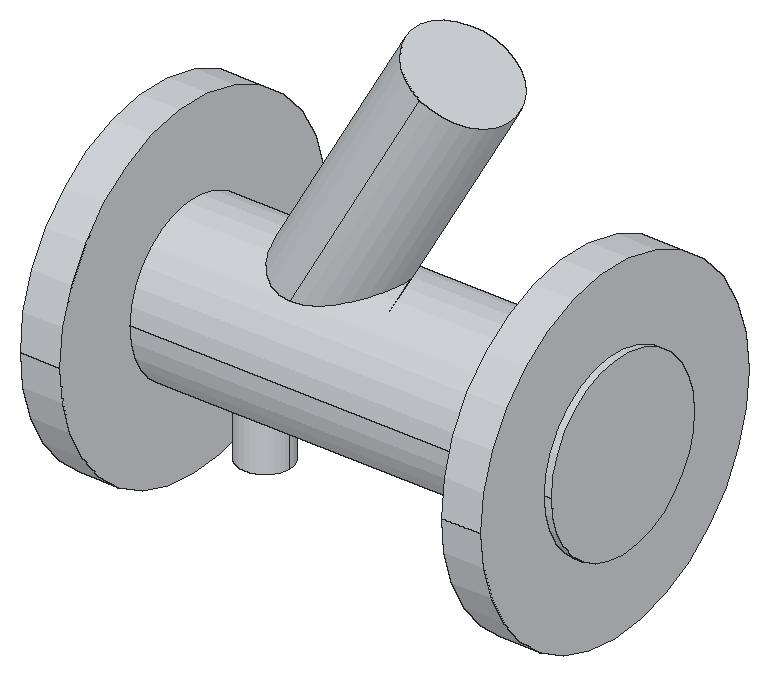
Revit family "HS 821-síto_standard-PN25-DN020-RFA_2018", category Pipe Accessories, Revit 2018
Family settings
  Round Connector Dimension = Use Diameter
  Part Type = Breaks Into
  Work Plane-Based = No
  Always vertical = Yes
  Cut with Voids When Loaded = No
  Shared = No
Parameters (values of type "821D-DN020-PN25-síto_standard")
  magiProductId = "270e0f14012f47189cd0235c18faee"
  magiProductFamilyId = "79214ac3aaa945e397802f559f5c1e"
  magiPartTypeId = 307
  isMeasuringValve [instance] = no
  ang2D [instance] = 0.00°
  ZB__ve = -ZB  # -17.75 mm
  ZB1 = 22.68 mm
  ZB = 17.75 mm
  X2 = 51.673 mm
  X1 = 21 mm
  W2D = 15 mm
  VersionID = "2.0/2017.9.26.1/ZETKAMA_821_001"
  Use Minimum Symbol Size [instance] = yes
  URL = "www.hydronic.cz"
  Type Comments = "Filtr přírubový; síto standardní; A-PN16 (-10~300°C); D-PN25 (-10~350°C); F-PN40 (-10~400°C)"
  S = 56 mm
  QmdConnectorList = "301;D;302;D"
  Productdata [instance] = ""
  Manufacturer = "Hydronic Systems Prague s.r.o."
  MC Product Code = "200 220 (821D; DN020; PN25; kvs11,2; oko síta 1,00mm)"
  LM1 = 12 mm
  LM = 120 mm
  L4 = 37.5 mm
  L2D_Min = 3048 mm
  L2D = 130 mm
  L2 = 75 mm
  HH2 = 89.5 mm
  FD = 105 mm
  Description = "Filtr přírubový; síto standardní; 821A-PN16; 821D-PN25; 821F-PN40"
  DM1 = 33.6 mm
  DM = 50.4 mm
  D = 20 mm
  CC = 2.55 mm
  CAT0 = yes
  C1 = 12.45 mm
  C = 15 mm
  BD = 15.876 mm
Types (40, lengths in mm): name | magiProductId | ZB__ve | ZB1 | ZB | X2 | X1 | S | MC Product Code | LM1 | LM | L4 | L2 | HH2 | FD | DM1 | DM | D | CC | C1 | C | BD
  821A-DN015-PN16-síto_standard | "a71bcfe8b393460598b23e8ddf7dc5" | -16.25 | 18.63 | 16.25 | 46.982 | 18.2 | 46 | "200 115 (821A; DN015; PN16; kvs6,3; oko síta 1,00mm)" | 10.4 | 104 | 32.5 | 65 | 81.375 | 95 | 27.6 | 41.4 | 15 | 2.21 | 10.79 | 13 | 13.041
  821A-DN020-PN16-síto_standard | "41cd6c7a12924f4991217528336076" | -17.75 | 22.68 | 17.75 | 51.673 | 21 | 56 | "200 120 (821A; DN020; PN16; kvs11,2; oko síta 1,00mm)" | 12 | 120 | 37.5 | 75 | 89.5 | 105 | 33.6 | 50.4 | 20 | 2.55 | 12.45 | 15 | 15.876
  821A-DN025-PN16-síto_standard | "be378b463ed14c3abf4c9b3ae8cf3a" | -19.25 | 26.325 | 19.25 | 58.601 | 22.4 | 65 | "200 125 (821A; DN025; PN16; kvs14,7; oko síta 1,00mm)" | 12.8 | 128 | 40 | 80 | 101.5 | 115 | 43.2 | 58.5 | 25 | 2.72 | 13.28 | 16 | 18.427
  821A-DN032-PN16-síto_standard | "227a0d18b21540afabe8b6067d35fa" | -23 | 30.78 | 23 | 68.849 | 25.2 | 76 | "200 132 (821A; DN032; PN16; kvs23,7; oko síta 1,00mm)" | 14.4 | 144 | 45 | 90 | 119.25 | 140 | 50.4 | 68.4 | 32 | 3.06 | 14.94 | 18 | 21.546
  821A-DN040-PN16-síto_standard | "d106917c74724141a10440112d0102" | -24.5 | 34.02 | 24.5 | 75.777 | 28 | 84 | "200 140 (821A; DN040; PN16; kvs37,7; oko síta 1,00mm)" | 16 | 160 | 50 | 100 | 131.25 | 150 | 60 | 75.6 | 40 | 3.4 | 16.6 | 20 | 23.814
  821A-DN050-PN16-síto_standard | "8255d456a09e4f6486734f5dd9171b" | -26.75 | 40.095 | 26.75 | 79.061 | 32.2 | 99 | "200 150 (821A; DN050 PN16; kvs57,9; oko síta 1,00mm)" | 18.4 | 184 | 57.5 | 115 | 136.938 | 165 | 73.8 | 89.1 | 50 | 3.91 | 19.09 | 23 | 28.066
  821A-DN065-PN16-síto_standard | "235b1b3e4c0843779a4d5e3716d40a" | -29.75 | 47.79 | 29.75 | 86.927 | 40.6 | 118 | "200 165 (821A; DN065; PN16; kvs101,5; oko síta 1,25mm)" | 23.2 | 232 | 72.5 | 145 | 150.562 | 185 | 94.2 | 106.2 | 65 | 4.93 | 24.07 | 29 | 33.453
  821A-DN080-PN16-síto_standard | "a067f7c5236348ed8c820d16df7214" | -32 | 53.46 | 32 | 104.753 | 43.4 | 132 | "200 180 (821A; DN080; PN16; kvs147,4; oko síta 1,25mm)" | 24.8 | 248 | 77.5 | 155 | 181.438 | 200 | 107.4 | 118.8 | 80 | 5.27 | 25.73 | 31 | 37.422
  821A-DN100-PN16-síto_standard | "c49a648c2747461285837d643703cd" | -35 | 63.18 | 35 | 114.857 | 49 | 156 | "200 190 (821A; DN100; PN16; kvs209,6; oko síta 1,60mm)" | 28 | 280 | 87.5 | 175 | 198.937 | 220 | 131.4 | 140.4 | 100 | 5.95 | 29.05 | 35 | 44.226
  821A-DN125-PN16-síto_standard | "bf68e728a163493cbd2a663b26ebdc" | -39.5 | 74.52 | 39.5 | 131.888 | 56 | 184 | "200 191 (821A; DN125; PN16; kvs326,2; oko síta 1,60mm)" | 32 | 320 | 100 | 200 | 228.438 | 250 | 165 | 165.6 | 125 | 6.8 | 33.2 | 40 | 52.164
  821A-DN150-PN16-síto_standard | "2de770284b654863ae6bc865769dc5" | -44.75 | 85.455 | 44.75 | 155.885 | 67.2 | 211 | "200 192 (821A; DN150; PN16; kvs403; oko síta 1,60mm)" | 38.4 | 384 | 120 | 240 | 270 | 285 | 192 | 189.9 | 150 | 8.16 | 39.84 | 48 | 59.818
  821A-DN200-PN16-síto_standard | "8e5693371ab64aabb29a7f08c76e15" | -53 | 107.73 | 53 | 188.361 | 84 | 266 | "200 193 (821A; DN200; PN16; kvs707; oko síta 1,60mm)" | 48 | 480 | 150 | 300 | 326.25 | 340 | 252 | 239.4 | 200 | 10.2 | 49.8 | 60 | 75.411
  821A-DN250-PN16-síto_standard | "05e37ed948c34047acdd4c42556504" | -62.75 | 129.195 | 62.75 | 255.911 | 102.2 | 319 | "200 194 (821A; DN250; PN16; kvs1234; oko síta 1,60mm)" | 58.4 | 584 | 182.5 | 365 | 443.25 | 405 | 309.6 | 287.1 | 250 | 12.41 | 60.59 | 73 | 90.436
  821A-DN300-PN16-síto_standard | "9ad0af747269428da925480d83ce80" | -71 | 149.85 | 71 | 325.914 | 119 | 370 | "200 195 (821A; DN300; PN16; kvs1916; oko síta 1,60mm)" | 68 | 680 | 212.5 | 425 | 564.5 | 460 | 369.6 | 333 | 300 | 14.45 | 70.55 | 85 | 104.895
  821A-DN350-PN16-síto_standard | "eebc71459bb3451bb4355e7951370a" | -80 | 173.745 | 80 | 356.875 | 137.2 | 429 | "200 196 (821A; DN350; PN16; kvs2621; oko síta 1,60mm)" | 78.4 | 784 | 245 | 490 | 618.125 | 520 | 438 | 386.1 | 350 | 16.66 | 81.34 | 98 | 121.621
  821A-DN400-PN16-síto_standard | "d2f677cb196647e385b2590e7d8abe" | -89 | 194.4 | 89 | 392.237 | 154 | 480 | "200 197 (821A; DN400; PN16; kvs3460; oko síta 1,60mm)" | 88 | 880 | 275 | 550 | 679.375 | 580 | 498 | 432 | 400 | 18.7 | 91.3 | 110 | 136.08
  821D-DN015-PN25-síto_standard | "27ddcbf555414f8ca1fde329bf9087" | -16.25 | 18.63 | 16.25 | 46.982 | 18.2 | 46 | "200 215 (821D; DN015; PN25; kvs6,3; oko síta 1,00mm)" | 10.4 | 104 | 32.5 | 65 | 81.375 | 95 | 27.6 | 41.4 | 15 | 2.21 | 10.79 | 13 | 13.041
  821D-DN020-PN25-síto_standard | "270e0f14012f47189cd0235c18faee" | -17.75 | 22.68 | 17.75 | 51.673 | 21 | 56 | "200 220 (821D; DN020; PN25; kvs11,2; oko síta 1,00mm)" | 12 | 120 | 37.5 | 75 | 89.5 | 105 | 33.6 | 50.4 | 20 | 2.55 | 12.45 | 15 | 15.876
  821D-DN025-PN25-síto_standard | "b9a7fb4aa36643878c637d8e1ab992" | -19.25 | 26.325 | 19.25 | 58.601 | 22.4 | 65 | "200 225 (821D; DN025; PN25; kvs14,7; oko síta 1,00mm)" | 12.8 | 128 | 40 | 80 | 101.5 | 115 | 43.2 | 58.5 | 25 | 2.72 | 13.28 | 16 | 18.427
  821D-DN032-PN25-síto_standard | "6be9a55c4e68400f94eec7e804204c" | -23 | 30.78 | 23 | 68.849 | 25.2 | 76 | "200 232 (821D; DN032; PN25; kvs23,7; oko síta 1,00mm)" | 14.4 | 144 | 45 | 90 | 119.25 | 140 | 50.4 | 68.4 | 32 | 3.06 | 14.94 | 18 | 21.546
  821D-DN040-PN25-síto_standard | "c54511bd7f584ec2984291479612cb" | -24.5 | 34.02 | 24.5 | 75.777 | 28 | 84 | "200 240 (821D; DN040; PN25; kvs37,7; oko síta 1,00mm)" | 16 | 160 | 50 | 100 | 131.25 | 150 | 60 | 75.6 | 40 | 3.4 | 16.6 | 20 | 23.814
  821D-DN050-PN25-síto_standard | "5483b1f596b04cd39b23a14a22c90e" | -26.75 | 40.095 | 26.75 | 79.061 | 32.2 | 99 | "200 250 (821D; DN050; PN25; kvs57,9; oko síta 1,00mm)" | 18.4 | 184 | 57.5 | 115 | 136.938 | 165 | 73.8 | 89.1 | 50 | 3.91 | 19.09 | 23 | 28.066
  821D-DN065-PN25-síto_standard | "767b0f8318e94750bc7a9930ed5b30" | -29.75 | 47.79 | 29.75 | 86.927 | 40.6 | 118 | "200 265 (821D; DN065; PN25; kvs101,5; oko síta 1,25mm)" | 23.2 | 232 | 72.5 | 145 | 150.562 | 185 | 94.2 | 106.2 | 65 | 4.93 | 24.07 | 29 | 33.453
  821D-DN080-PN25-síto_standard | "e21040fa3cc2404b858198f6b73709" | -32 | 53.46 | 32 | 104.753 | 43.4 | 132 | "200 280 (821D; DN080; PN25; kvs147,4; oko síta 1,25mm)" | 24.8 | 248 | 77.5 | 155 | 181.438 | 200 | 107.4 | 118.8 | 80 | 5.27 | 25.73 | 31 | 37.422
  821D-DN100-PN25-síto_standard | "175ca87a506b40b3bc6b82f12f33cf" | -37.25 | 63.18 | 37.25 | 114.857 | 49 | 156 | "200 290 (821D; DN100; PN25; kvs209,6; oko síta 1,60mm)" | 28 | 280 | 87.5 | 175 | 198.937 | 235 | 131.4 | 140.4 | 100 | 5.95 | 29.05 | 35 | 44.226
  821D-DN125-PN25-síto_standard | "77cc98d60da24855999a22dff726b2" | -42.5 | 74.52 | 42.5 | 131.888 | 56 | 184 | "200 291 (821D; DN125; PN25; kvs326,2; oko síta 1,60mm)" | 32 | 320 | 100 | 200 | 228.438 | 270 | 165 | 165.6 | 125 | 6.8 | 33.2 | 40 | 52.164
  821D-DN150-PN25-síto_standard | "9cf8acfcd15547d68e83172d3abcbe" | -47 | 85.455 | 47 | 155.885 | 67.2 | 211 | "200 292 (821D; DN150; PN25; kvs403; oko síta 1,60mm)" | 38.4 | 384 | 120 | 240 | 270 | 300 | 192 | 189.9 | 150 | 8.16 | 39.84 | 48 | 59.818
  821D-DN200-PN25-síto_standard | "16973f3c9ea14389ba8602495a6b64" | -56 | 110.97 | 56 | 188.361 | 84 | 274 | "200 293 (821D; DN200; PN25; kvs707; oko síta 1,60mm)" | 48 | 480 | 150 | 300 | 326.25 | 360 | 252 | 246.6 | 200 | 10.2 | 49.8 | 60 | 77.679
  821F-DN015-PN40-síto_standard | "4c7eaf3c4c0340888b3e684d8a8616" | -16.25 | 18.225 | 16.25 | 46.982 | 18.2 | 45 | "240 615 (821F; DN015; PN40; kvs6,3; oko síta 1,00mm)" | 10.4 | 104 | 32.5 | 65 | 81.375 | 95 | 27.6 | 40.5 | 15 | 2.21 | 10.79 | 13 | 12.757
  821F-DN020-PN40-síto_standard | "aaac5f1ec96b44d6ba96ac2293d66d" | -17.75 | 23.49 | 17.75 | 51.673 | 21 | 58 | "240 620 (821F; DN020; PN40; kvs11,2; oko síta 1,00mm)" | 12 | 120 | 37.5 | 75 | 89.5 | 105 | 33.6 | 52.2 | 20 | 2.55 | 12.45 | 15 | 16.443
  821F-DN025-PN40-síto_standard | "504768023968471481789485b54c7e" | -19.25 | 27.54 | 19.25 | 58.601 | 22.4 | 68 | "240 625 (821F; DN025; PN40; kvs14,7; oko síta 1,00mm)" | 12.8 | 128 | 40 | 80 | 101.5 | 115 | 43.2 | 61.2 | 25 | 2.72 | 13.28 | 16 | 19.278
  821F-DN032-PN40-síto_standard | "165e7f39cf744f329bdf1c400dad12" | -23 | 31.59 | 23 | 68.849 | 25.2 | 78 | "240 632 (821F; DN032; PN40; kvs23,7; oko síta 1,00mm)" | 14.4 | 144 | 45 | 90 | 119.25 | 140 | 50.4 | 70.2 | 32 | 3.06 | 14.94 | 18 | 22.113
  821F-DN040-PN40-síto_standard | "b8903f952089408fbf3a5a632bab1f" | -24.5 | 35.64 | 24.5 | 75.777 | 28 | 88 | "240 640 (821F; DN040; PN40; kvs37,7; oko síta 1,00mm)" | 16 | 160 | 50 | 100 | 131.25 | 150 | 60 | 79.2 | 40 | 3.4 | 16.6 | 20 | 24.948
  821F-DN050-PN40-síto_standard | "c451f97266fe48da8f879cb6a2bd44" | -26.75 | 41.31 | 26.75 | 79.061 | 32.2 | 102 | "240 650 (821F; DN050; PN40; kvs57,9; oko síta 1,00mm)" | 18.4 | 184 | 57.5 | 115 | 136.938 | 165 | 73.8 | 91.8 | 50 | 3.91 | 19.09 | 23 | 28.917
  821F-DN065-PN40-síto_standard | "dc9821e3f9b34e128f6a8c6b34c198" | -29.75 | 49.41 | 29.75 | 86.927 | 40.6 | 122 | "240 665 (821F; DN065; PN40; kvs101,5; oko síta 1,25mm)" | 23.2 | 232 | 72.5 | 145 | 150.562 | 185 | 94.2 | 109.8 | 65 | 4.93 | 24.07 | 29 | 34.587
  821F-DN080-PN40-síto_standard | "689aa1e260f84cf4994f027a1d86b5" | -32 | 55.89 | 32 | 104.753 | 43.4 | 138 | "240 680 (821F; DN080; PN40; kvs147,4; oko síta 1,25mm)" | 24.8 | 248 | 77.5 | 155 | 181.438 | 200 | 107.4 | 124.2 | 80 | 5.27 | 25.73 | 31 | 39.123
  821F-DN100-PN40-síto_standard | "8a45d4e8e2ab425f8c432f21d684f3" | -37.25 | 65.61 | 37.25 | 114.857 | 49 | 162 | "240 690 (821F; DN100; PN40; kvs209,6; oko síta 1,6mm)" | 28 | 280 | 87.5 | 175 | 198.937 | 235 | 131.4 | 145.8 | 100 | 5.95 | 29.05 | 35 | 45.927
  821F-DN125-PN40-síto_standard | "cf073904c006406b8645afa67ea2fc" | -42.5 | 76.14 | 42.5 | 131.888 | 56 | 188 | "240 691 (821F; DN125; PN40; kvs326,2; oko síta 1,6mm)" | 32 | 320 | 100 | 200 | 228.438 | 270 | 165 | 169.2 | 125 | 6.8 | 33.2 | 40 | 53.298
  821F-DN150-PN40-síto_standard | "0153b9ddabe14992a630484929fdbc" | -47 | 88.29 | 47 | 155.885 | 67.2 | 218 | "240 692 (821F; DN150; PN40; kvs403; oko síta 1,6mm)" | 38.4 | 384 | 120 | 240 | 270 | 300 | 192 | 196.2 | 150 | 8.16 | 39.84 | 48 | 61.803
  821F-DN200-PN40-síto_standard | "7fb3fc01dd8d42428c203e3f8dd4d5" | -56 | 115.425 | 56 | 188.361 | 84 | 285 | "240 693 (821F; DN200; PN40; kvs707; oko síta 1,6mm)" | 48 | 480 | 150 | 300 | 326.25 | 360 | 252 | 256.5 | 200 | 10.2 | 49.8 | 60 | 80.797
Reference planes
  plane 1 "Center (Front/Back)": y = 0
  plane 2 "XYPLANE": z = 0
  plane 3 "Center (Left/Right)": x = 0
  plane 4 "109": x = -48
  plane 5 "108": x = 60
  plane 6 "107": x = -60
  plane 7 "105": x = 75
  plane 8 "104": x = -75
  plane 9 "103": y = 0
  plane 10 "102": z = 0
  plane 11 "101": x = -72.45
  plane 12 "100": x = 72.45
  plane 13 "11": x = -27
  plane 14 "10": z = 89.5
  plane 15 "9": x = 24.673
  plane 16 "5": z = -22.68
  plane 17 "4": x = -37.5
  plane 18 "1": x = 37.5
Forms (mm)
  Extrusion 1, solid, visible <- "CAT0"
    sketch origin (-60, -750, 0) x (0, 1, 0) y (0, 0, 1)
      loop
        circle (750, 0) r 25.2
    from 0 to 120 <- "LM"
  Extrusion 2, solid
    sketch origin (-75, -750, 0) x (0, 1, 0) y (0, 0, 1)
      loop
        circle (750, 0) r 28
    from 0 to 2.55 <- "CC"
  Extrusion 3, solid
    sketch origin (-72.45, -750, 0) x (0, 1, 0) y (0, 0, 1)
      loop
        circle (750, 0) r 52.5
    from 0 to 12.45 <- "C1"
  Extrusion 4, solid
    sketch origin (60, -750, 0) x (0, 1, 0) y (0, 0, 1)
      loop
        circle (750, 0) r 52.5
    from 0 to 12.45 <- "C1"
  Extrusion 5, solid
    sketch origin (72.45, -750, 0) x (0, 1, 0) y (0, 0, 1)
      loop
        circle (750, 0) r 28
    from 0 to 2.55 <- "CC"
  Sweep 6, solid, visible <- "CAT0"
    path origin (750, 0, 0) x (-1, 0, 0) y (0, 0, 1)
      loop
        line (810, 0) -> (777, 0) -> (725.327, 89.5)
    profile origin (-60, 0, 0) x (0, 0, -1) y (0, 1, 0)
      loop
        circle (0, 0) r 16.8
  Extrusion 7, solid, visible <- "CAT0"
    sketch origin (-750, 0, -22.68) x (1, 0, 0) y (0, 1, 0)
      loop
        circle (712.5, 0) r 7.938
    from 0 to -17.75 <- "ZB__ve"
  Extrusion 8, solid, visible <- "CAT0"
    sketch origin (-750, 0, -22.68) x (1, 0, 0) y (0, 1, 0)
      loop
        circle (787.5, 0) r 7.938
    from 0 to -17.75 <- "ZB__ve"
  Extrusion 9, solid, not visible
    sketch origin (75, -750, 0) x (0, 1, 0) y (0, 0, 1)
      loop
        circle (750, 0) r 10
    from 0 to -10
  Extrusion 10, solid, not visible
    sketch origin (-75, -750, 0) x (0, 1, 0) y (0, 0, 1)
      loop
        circle (750, 0) r 10
    from 0 to 10
Lines and regions (mm)
  reference lines, not visible
    curve 1: circle (2, 2, 0) r 1 normal (0, 0, 1)
Dimensions and locks
  plane 1 "Center (Front/Back)" to curve 1 = 2 mm
  "LM1": plane 6 "107" to plane 4 "109"
  "LM": plane 6 "107" to plane 5 "108"
  "C": plane 8 "104" to plane 6 "107"
  "L2": plane 3 "Center (Left/Right)" to plane 7 "105"
  "L2": plane 3 "Center (Left/Right)" to plane 8 "104"
  locked: plane 1 "Center (Front/Back)" to plane 9 "103"
  locked: plane 2 "XYPLANE" to plane 10 "102"
  "CC": plane 8 "104" to plane 11 "101"
  "C1": plane 5 "108" to plane 12 "100"
  "X1": plane 4 "109" to plane 13 "11"
  "HH2": plane 2 "XYPLANE" to plane 14 "10"
  "X2": plane 13 "11" to plane 15 "9"
  "ZB1": plane 2 "XYPLANE" to plane 16 "5"
  "L4": plane 8 "104" to plane 17 "4"
  "L2": plane 17 "4" to plane 18 "1"
  Sweep 6 sketch curve to Sweep 6 sketch curve = 0 mm  (x2)
  "DM": diameter of Extrusion 1 sketch curve
  "S": diameter of Extrusion 2 sketch curve
  "FD": diameter of Extrusion 3 sketch curve
  "FD": diameter of Extrusion 4 sketch curve
  "S": diameter of Extrusion 5 sketch curve
  "DM1": diameter of Sweep 6 sketch curve
  "BD": diameter of Extrusion 7 sketch curve
  "BD": diameter of Extrusion 8 sketch curve
  aligned and locked: level to plane 2 "XYPLANE"
  aligned and locked: Extrusion 1 sketch curve to plane 9 "103"
  aligned and locked: plane 10 "102" to Extrusion 1 sketch curve
  aligned and locked: Extrusion 2 sketch curve to plane 9 "103"
  aligned and locked: plane 10 "102" to Extrusion 2 sketch curve
  aligned and locked: Extrusion 3 sketch curve to plane 9 "103"
  aligned and locked: plane 10 "102" to Extrusion 3 sketch curve
  aligned and locked: Extrusion 4 sketch curve to plane 9 "103"
  aligned and locked: plane 10 "102" to Extrusion 4 sketch curve
  aligned and locked: Extrusion 5 sketch curve to plane 9 "103"
  aligned and locked: plane 10 "102" to Extrusion 5 sketch curve
  aligned and locked: Sweep 6 sketch curve to plane 9 "103"
  aligned and locked: plane 10 "102" to Sweep 6 sketch curve  (x3)
  aligned and locked: plane 6 "107" to Sweep 6 sketch curve
  aligned and locked: plane 13 "11" to Sweep 6 sketch curve
  aligned and locked: plane 14 "10" to Sweep 6 sketch curve
  aligned and locked: plane 15 "9" to Sweep 6 sketch curve
  aligned and locked: plane 9 "103" to Extrusion 7 sketch curve
  aligned and locked: plane 17 "4" to Extrusion 7 sketch curve
  aligned and locked: plane 9 "103" to Extrusion 8 sketch curve
  aligned and locked: plane 18 "1" to Extrusion 8 sketch curve
  aligned and locked: Extrusion 9 sketch curve to plane 9 "103"
  aligned and locked: plane 10 "102" to Extrusion 9 sketch curve
  aligned and locked: Extrusion 10 sketch curve to plane 9 "103"
  aligned and locked: plane 10 "102" to Extrusion 10 sketch curve
Automatic sketch dimensions
  plane 1 "Center (Front/Back)" to Extrusion 9 sketch curve = 10 mm
  plane 1 "Center (Front/Back)" to Extrusion 10 sketch curve = 10 mm
  plane 3 "Center (Left/Right)" to curve 1 = 2 mm
  radius of curve 1 = 1 mm
Connectors
  piping at (-75, 0, 0), diameter 20, driven by "D"
    settings: on Extrusion 10, index 1, connector inside diameter 609.6 mm, connector length 0 mm, flow factor 0, pipe flow 0.0 L/s, pressure drop 0.0 Pa, fitting loss kfactor 0, connector angle 0.00°, fixture units 0, engagement length 0 mm, angle of deflection 0.00°, flow configuration 0, flow direction 0, fitting loss method 0, system type 29, joint type 0, gender type 0, connector reference index 2, connector utility 0, adjustable connector no, is connector primary yes, connector description ""
  piping at (75, 0, 0), diameter 20, driven by "D"
    settings: on Extrusion 9, index 2, connector inside diameter 609.6 mm, connector length 0 mm, flow factor 0, pipe flow 0.0 L/s, pressure drop 0.0 Pa, fitting loss kfactor 0, connector angle 0.00°, fixture units 0, engagement length 0 mm, angle of deflection 0.00°, flow configuration 0, flow direction 0, fitting loss method 0, system type 29, joint type 0, gender type 0, connector reference index 1, connector utility 0, adjustable connector no, is connector primary no, connector description ""
